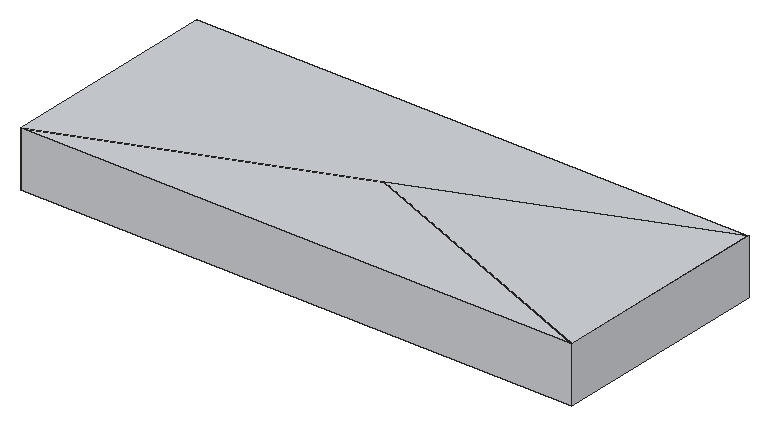
Revit family "電線管用ファミリ(片側のみ)_33", category Electrical Fixtures, Revit 2021
Family settings
  Maintain Annotation Orientation = No
  Round Connector Dimension = Use Diameter
  Part Type = Normal
  OmniClass Number = 23.80.00.00
  OmniClass Title = Electric Power and Lighting
  Work Plane-Based = No
  Always vertical = Yes
  Cut with Voids When Loaded = No
  Shared = No
  Room Calculation Point = No
Parameters
  コネクタ直径 [instance] = 16 mm
  W [instance] = 500 mm
  Default Elevation = 0 mm
  D [instance] = 200 mm
Reference planes
  plane 1 "Center (Front/Back)": y = 0
  plane 2: z = 0
  plane 3 "Center (Left/Right)": x = 0
  plane 4: x = -250
  plane 5: x = 250
  plane 6: y = 100
  plane 7: y = -100
  plane 8: z = 50
Forms (mm)
  Extrusion 1, solid
    sketch origin (0, 0, 0) x (1, 0, 0) y (0, 1, 0)
      loop
        line (-250, 100) -> (-250, -100) -> (250, -100) -> (250, 100) -> (-250, 100)
    from 0 to 50
  Extrusion 2, solid
    sketch origin (0, 0, 0) x (1, 0, 0) y (0, 1, 0)
      loop
        line (-250, 100) -> (-250, -100) -> (0, 0) -> (-250, 100)
    from 0 to 50
  Extrusion 3, solid
    sketch origin (0, 0, 0) x (1, 0, 0) y (0, 1, 0)
      loop
        line (250, 100) -> (0, 0) -> (250, -100) -> (250, 100)
    from 0 to 50
Dimensions and locks
  equal spacing: plane 4, plane 3 "Center (Left/Right)", plane 5
  "W": plane 4 to plane 5
  equal spacing: plane 6, plane 1 "Center (Front/Back)", plane 7
  "D": plane 6 to plane 7
  plane 3 "Center (Left/Right)" to Extrusion 2 = 250 mm
  aligned and locked: level to plane 2
  aligned and locked: plane 8 to Extrusion 1
  aligned and locked: Extrusion 1 to plane 4
  aligned and locked: plane 6 to Extrusion 1
  aligned and locked: plane 5 to Extrusion 1
  aligned and locked: Extrusion 1 to plane 7
  aligned and locked: plane 8 to Extrusion 2
  aligned and locked: Extrusion 2 to plane 4
  aligned and locked: plane 8 to Extrusion 3
  aligned and locked: plane 5 to Extrusion 3
Automatic sketch dimensions
  Extrusion 1 sketch curve to plane 4 = 0 mm
  Extrusion 1 sketch curve to plane 5 = 0 mm
  Extrusion 1 sketch curve to plane 7 = 0 mm
  plane 6 to Extrusion 1 sketch curve = 0 mm
  Extrusion 2 sketch curve to plane 4 = 0 mm
  plane 1 "Center (Front/Back)" to Extrusion 2 sketch curve = 0 mm
  Extrusion 2 sketch curve to plane 3 "Center (Left/Right)" = 0 mm
  Extrusion 2 sketch curve to plane 7 = 0 mm
  Extrusion 2 sketch curve to plane 6 = 0 mm
  plane 1 "Center (Front/Back)" to Extrusion 3 sketch curve = 0 mm
  Extrusion 3 sketch curve to plane 3 "Center (Left/Right)" = 0 mm
  Extrusion 3 sketch curve to plane 5 = 0 mm
  Extrusion 3 sketch curve to plane 7 = 0 mm
  Extrusion 3 sketch curve to plane 6 = 0 mm
Connectors
  cabletrayconduit at (0, 0, 50), diameter 16
    settings: on Extrusion 1, index 1, connector width 300 mm, connector height 300 mm, connector angle 0.00°, system type 32, placement type 0, profile type 0, connector reference index -1, is primary connector yes, connector utility param no, connector description ""
